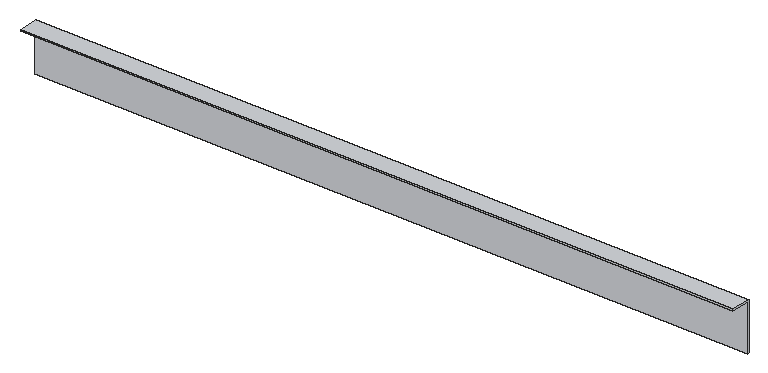
Revit family "BIMSF-L-Angle-New", category Structural Framing, Revit 2024
Family settings
  Section Shape = L Profile
  Material for Model Behavior = Steel
  Always export as geometry = No
  Always vertical = Yes
  Cut with Voids When Loaded = No
  Symbolic Representation = From Project Settings
  Shared = No
  Show family pre-cut in plan views = Yes
Parameters (values of type "Default")
  x = 0' - 0 13/128"
  Weight = 0.00 lbf/ft
  Structural Material [instance] = Metal - Steel - ASTM A36
  Reported Length [instance] = 5' - 0"
  Assembly Code = ""
  Length [instance] = 5' - 0"
  b = 0' - 1 1/2"
  d = 0' - 4"
  t = 0' - 0 13/128"
Reference planes (in)
  plane 1 "Center (Front/Back)": y = 0
  plane 2: z = 0
  plane 3 "Center (Left/Right)": x = 0.1815
  plane 4: y = 0.10156
  plane 5: y = -1.39844
  plane 6 "Top": z = 0.10156
  plane 7: z = -3.89844
  plane 8 "Left": x = -29.8185
  plane 9 "Right": x = 30.1815
  plane 10: y = 0.20312
Forms (in)
  Extrusion 1, solid
    sketch origin (-29.8185, 0, 0) x (0, -1, 0) y (0, 0, 1)
      loop
        line (-0.10156, 0) -> (1.39844, 0) -> (1.39844, 0.10156) -> (-0.20312, 0.10156) -> (-0.20312, -3.89844) -> (-0.10156, -3.89844) -> (-0.10156, 0)
    from -60 to 0
Lines and regions (in)
  symbolic lines, style "Hidden Faces", detail levels medium+fine
    curve 1: line (-23.8185, 0, -0.39844) -> (24.1815, 0, -0.39844)
    curve 4: line (-29.8185, 0, 0) -> (30.1815, 0, 0)
  symbolic lines, style "Stick Symbols", detail levels coarse
    curve 2: line (0.1815, 0.10156, -3.89844) -> (0.1815, 0.10156, 0.10156)
    curve 3: line (0.1815, -1.39844, 0.10156) -> (0.1815, 0.10156, 0.10156)
Dimensions and locks (in)
  "b": plane 4 to plane 5
  "d": plane 7 to plane 6 "Top"
  "x": plane 4 to plane 1 "Center (Front/Back)"
  "t": plane 6 "Top" to plane 2
  "Length": plane 8 "Left" to plane 9 "Right"
  "t": curve 4 to plane 4
  "Reported Length": Extrusion 1 to Extrusion 1
  "t": plane 10 to plane 4
  aligned and locked: plane 8 "Left" to curve 4
  aligned and locked: plane 9 "Right" to curve 4
  aligned and locked: plane 7 to Extrusion 1 sketch curve
  aligned and locked: Extrusion 1 sketch curve to plane 6 "Top"
  aligned and locked: Extrusion 1 sketch curve to plane 5
  aligned and locked: Extrusion 1 to plane 9 "Right"
  aligned and locked: plane 8 "Left" to Extrusion 1
  aligned and locked: Extrusion 1 sketch curve to level
  aligned and locked: Extrusion 1 sketch curve to plane 10
  aligned and locked: Extrusion 1 sketch curve to plane 4
Automatic sketch dimensions
  plane 6 "Top" to curve 1 = 0' - 0 1/2"
  curve 3 to plane 5 = 0' - 0"
  curve 2 to plane 7 = 0' - 0"
  curve 1 to plane 8 "Left" = 0' - 6"
  plane 9 "Right" to curve 1 = 0' - 6"
  plane 6 "Top" to curve 3 = 0' - 0"
  curve 2 to plane 4 = 0' - 0"
Types in the file's own list only (18): name | x | b | d | t
  L4x1 1/2-33 | 0' - 0 1/8" | 0' - 1 1/2" | 0' - 4" | 0' - 0 1/16"
  L4x1 1/2-43 | 0' - 0 1/8" | 0' - 1 1/2" | 0' - 4" | 0' - 0 1/16"
  L4x1 1/2-54 | 0' - 0 1/8" | 0' - 1 1/2" | 0' - 4" | 0' - 0 1/16"
  L4x2-33 | 0' - 0 1/8" | 0' - 2" | 0' - 4" | 0' - 0 1/16"
  L4x2-43 | 0' - 0 1/8" | 0' - 2" | 0' - 4" | 0' - 0 1/16"
  L4x2-54 | 0' - 0 1/8" | 0' - 2" | 0' - 4" | 0' - 0 1/16"
  L6x1 1/2-33 | 0' - 0 1/8" | 0' - 1 1/2" | 0' - 6" | 0' - 0 1/16"
  L6x1 1/2-43 | 0' - 0 1/8" | 0' - 1 1/2" | 0' - 6" | 0' - 0 1/16"
  L6x1 1/2-54 | 0' - 0 1/8" | 0' - 1 1/2" | 0' - 6" | 0' - 0 1/16"
  L6x2-33 | 0' - 0 1/8" | 0' - 2" | 0' - 6" | 0' - 0 1/16"
  L6x2-43 | 0' - 0 1/8" | 0' - 2" | 0' - 6" | 0' - 0 1/16"
  L6x2-54 | 0' - 0 1/8" | 0' - 2" | 0' - 6" | 0' - 0 1/16"
  L8x1 1/2-33 | 0' - 0 1/8" | 0' - 1 1/2" | 0' - 8" | 0' - 0 1/16"
  L8x1 1/2-43 | 0' - 0 1/8" | 0' - 1 1/2" | 0' - 8" | 0' - 0 1/16"
  L8x1 1/2-54 | 0' - 0 1/8" | 0' - 1 1/2" | 0' - 8" | 0' - 0 1/16"
  L8x2-33 | 0' - 0 1/8" | 0' - 2" | 0' - 8" | 0' - 0 1/16"
  L8x2-43 | 0' - 0 1/8" | 0' - 2" | 0' - 8" | 0' - 0 1/16"
  L8x2-54 | 0' - 0 1/8" | 0' - 2" | 0' - 8" | 0' - 0 1/16"
